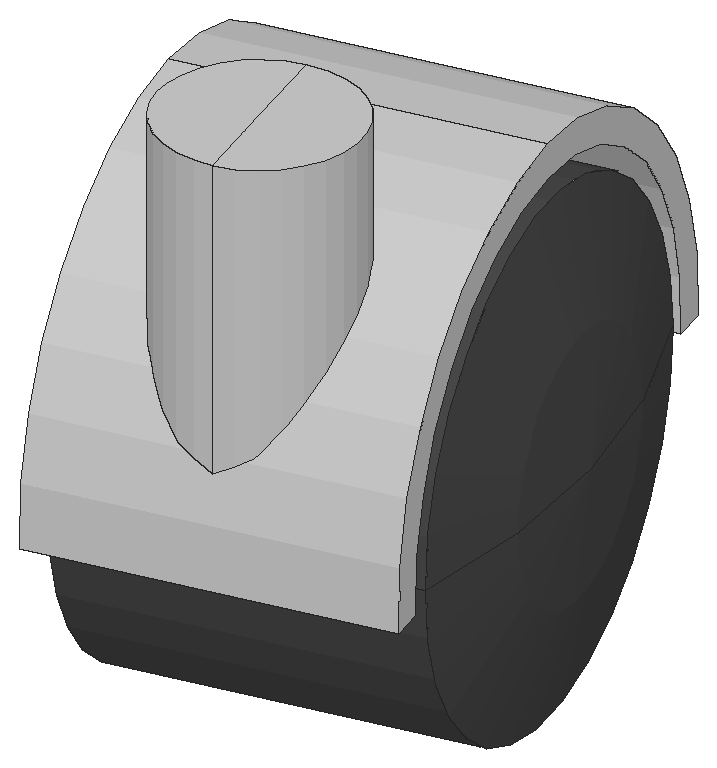
Revit family "Sunny Castors", category Furniture, Revit 2023
Family settings
  OmniClass Number = 23.40.20.00
  OmniClass Title = General Furniture and Specialties
  Work Plane-Based = No
  Enable Cutting in Views = No
  Always vertical = Yes
  Cut with Voids When Loaded = No
  Render Appearance Source = Family Geometry
  Shared = No
  Room Calculation Point = No
Parameters
  URL = "www.lammhults.se"
  Model = ""
  Manufacturer = "LAMMHULTS"  # constant formula
  Keynote = "46.B"
  Feet Material [instance] = Metal - Chrome - Polished
  Description = "*Please enter mtrl description here for use in mto*"
  Default Elevation = 0 mm
  Content Author = "AEC AB"  # constant formula
  Assembly Code = "E2020"
Reference planes
  plane 1 "Center (Front/Back)": y = -113.3
  plane 2: z = 0
  plane 3 "Center (Left/Right)": x = 0
  plane 4 "Ref. Foot Top": z = 12.57
  plane 5: y = -113.3
Forms (mm)
  Revolve 1, solid, material "Metal - Chrome - Polished" <- "Feet Material"
    sketch origin (149.724, -713.81, 1.552) x (-0.241922, 0.970296, 0) y (0, 0, -1)
      loop
        line (618.893, -65.448) -> (628.893, -65.448) -> (628.893, -33.298) -> (618.893, -33.298) -> (618.893, -65.448)
      axis (618.893, -65.448) -> (618.893, -33.298)
    angle from 0 to 360
  Extrusion 2, solid, material "Metal - Chrome - Polished" <- "Feet Material"
    sketch origin (180.829, -838.565, 616.366) x (0.046161, -0.185141, -0.981627) y (0.237477, -0.952469, 0.190809)
      loop
        line (428.42, -897.573) -> (429.09, -894.13)
        arc (429.09, -894.13) -> (409.705, -882.689) -> (404.892, -860.701) r 28.164
        arc (404.892, -860.701) -> (417.547, -842.321) -> (439.601, -838.916) r 28.164
        line (439.601, -838.916) -> (440.269, -835.475)
        arc (440.269, -835.475) -> (415.594, -839.415) -> (401.459, -860.021) r 31.664
        arc (401.459, -860.021) -> (406.798, -884.642) -> (428.42, -897.573) r 31.664
    from -18.636 to 18.06
  Revolve 3, solid, material "Plastic - Black"
    sketch origin (-181.444, -313.118, 26.166) x (-0.241922, 0.970296, 0) y (-0.970296, -0.241922, 0)
      loop
        arc (144.359, -243.031) -> (157.231, -246.152) -> (170.435, -247.201) r 83.612
        line (170.435, -247.201) -> (170.435, -202.165)
        arc (170.435, -202.165) -> (157.231, -203.214) -> (144.359, -206.335) r 83.612
        line (144.359, -206.335) -> (144.359, -243.031)
      axis (170.435, -202.165) -> (170.435, -247.201)
    angle from 0 to 360
Cuts and joins
  joined: Revolve 1, Extrusion 2
Lines and regions (mm)
  Masking region 1
    outline origin (0, 0, 12.57) x (0, 1, 0) y (-1, 0, 0)
      loop
        line (-67.283, 30.086) -> (-128.683, 14.778) -> (-119.805, -20.829) -> (-58.405, -5.52) -> (-67.283, 30.086)
  symbolic lines, not visible
    curve 1: arc (0, -103.3, 12.57) -> (-10, -113.3, 12.57) -> (0, -123.3, 12.57) r 10
    curve 2: arc (-2.588, -103.641, 12.57) -> (-9.659, -115.888, 12.57) -> (2.588, -122.959, 12.57) r 10
Dimensions and locks
  aligned and locked: level to plane 2
